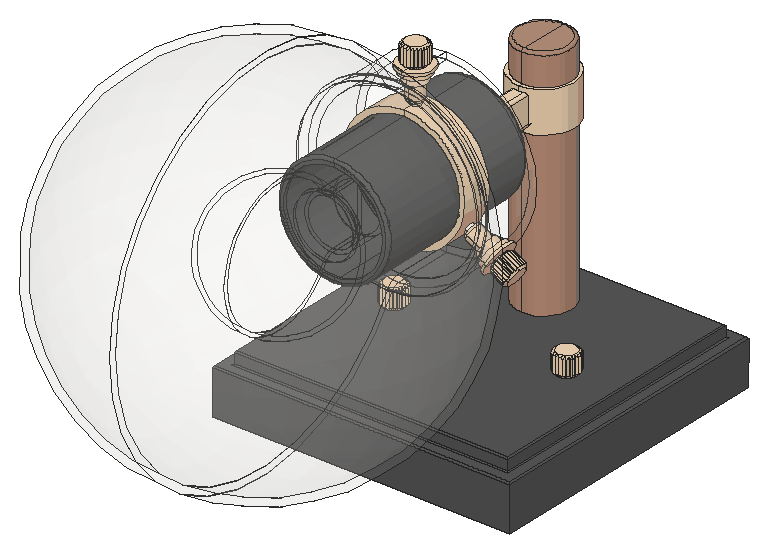
Revit family "Light_Fixture-Wall_Sconce-KOHLER-Holt-K-38412_1", category Lighting Fixtures, host Face, Revit 2021 (continued)
Definition of nested family "K-38412"
  Lines and regions (in)
    symbolic lines, detail levels medium+fine
      curve 702: spline (0, 0.02449, 0.96642) -> (0, 0.02239, 0.96406) -> (0, 0.02028, 0.96172) -> (0, 0.01816, 0.95938) -> (0, 0.01603, 0.95707) -> (0, 0.0139, 0.95476) -> (0, 0.01176, 0.95247) -> (0, 0.00961, 0.9502) -> (0, 0.00745, 0.94793) -> (0, 0.00529, 0.94569) -> (0, 0.00312, 0.94345) -> (0, 0.00095, 0.94123) -> (0, -0.00124, 0.93902)
      curve 703: spline (0, -0.00124, 0.93902) -> (0, -0.00342, 0.94123) -> (0, -0.0056, 0.94345) -> (0, -0.00777, 0.94569) -> (0, -0.00993, 0.94793) -> (0, -0.01208, 0.9502) -> (0, -0.01423, 0.95247) -> (0, -0.01637, 0.95476) -> (0, -0.01851, 0.95707) -> (0, -0.02063, 0.95938) -> (0, -0.02275, 0.96172) -> (0, -0.02486, 0.96406) -> (0, -0.02696, 0.96642)
      curve 704: spline (0, -0.02696, 0.96642) -> (0, -0.02848, 0.96401) -> (0, -0.03, 0.96162) -> (0, -0.03152, 0.95924) -> (0, -0.03305, 0.95688) -> (0, -0.03459, 0.95453) -> (0, -0.03613, 0.9522) -> (0, -0.03767, 0.94988) -> (0, -0.03922, 0.94757) -> (0, -0.04078, 0.94528) -> (0, -0.04234, 0.943) -> (0, -0.04391, 0.94074) -> (0, -0.04548, 0.93849)
      curve 705: spline (0, -0.07713, 0.96648) -> (0, -0.0745, 0.96407) -> (0, -0.07186, 0.96168) -> (0, -0.06921, 0.9593) -> (0, -0.06655, 0.95694) -> (0, -0.06389, 0.95459) -> (0, -0.06121, 0.95226) -> (0, -0.05852, 0.94994) -> (0, -0.05582, 0.94763) -> (0, -0.05312, 0.94534) -> (0, -0.0504, 0.94306) -> (0, -0.04768, 0.9408) -> (0, -0.04495, 0.93855)
      curve 706: spline (0, -0.07713, 0.966) -> (0, -0.0779, 0.96363) -> (0, -0.07868, 0.96128) -> (0, -0.07945, 0.95894) -> (0, -0.08023, 0.95662) -> (0, -0.08101, 0.95431) -> (0, -0.0818, 0.95201) -> (0, -0.08258, 0.94973) -> (0, -0.08337, 0.94746) -> (0, -0.08416, 0.9452) -> (0, -0.08496, 0.94296) -> (0, -0.08576, 0.94073) -> (0, -0.08656, 0.93851)
      curve 707: spline (0, -0.08656, 0.93851) -> (0, -0.08963, 0.94078) -> (0, -0.09269, 0.94306) -> (0, -0.09574, 0.94536) -> (0, -0.09878, 0.94767) -> (0, -0.10181, 0.95) -> (0, -0.10483, 0.95234) -> (0, -0.10784, 0.9547) -> (0, -0.11084, 0.95707) -> (0, -0.11383, 0.95945) -> (0, -0.11681, 0.96185) -> (0, -0.11978, 0.96427) -> (0, -0.12273, 0.9667)
      curve 708: arc (0, -0.12273, 0.93896) -> (0, -0.14131, 0.95256) -> (0, -0.15951, 0.96666) r 0.84187
      curve 709: spline (0, -0.14997, 0.93887) -> (0, -0.15078, 0.94111) -> (0, -0.15159, 0.94336) -> (0, -0.15239, 0.94563) -> (0, -0.15319, 0.94791) -> (0, -0.15399, 0.9502) -> (0, -0.15479, 0.95251) -> (0, -0.15558, 0.95483) -> (0, -0.15637, 0.95717) -> (0, -0.15716, 0.95952) -> (0, -0.15795, 0.96189) -> (0, -0.15873, 0.96426) -> (0, -0.15951, 0.96666)
      curve 710: spline (0, -0.14997, 0.93887) -> (0, -0.15303, 0.94113) -> (0, -0.15607, 0.9434) -> (0, -0.1591, 0.94569) -> (0, -0.16213, 0.948) -> (0, -0.16514, 0.95031) -> (0, -0.16815, 0.95265) -> (0, -0.17114, 0.95499) -> (0, -0.17412, 0.95735) -> (0, -0.1771, 0.95973) -> (0, -0.18006, 0.96212) -> (0, -0.18301, 0.96452) -> (0, -0.18595, 0.96694)
      curve 711: spline (0, -0.18595, 0.96694) -> (0, -0.1844, 0.96452) -> (0, -0.18285, 0.96212) -> (0, -0.18129, 0.95973) -> (0, -0.17973, 0.95736) -> (0, -0.17816, 0.95499) -> (0, -0.17659, 0.95265) -> (0, -0.17501, 0.95031) -> (0, -0.17342, 0.94799) -> (0, -0.17183, 0.94568) -> (0, -0.17024, 0.94338) -> (0, -0.16864, 0.9411) -> (0, -0.16704, 0.93883)
      curve 712: spline (0, -0.16704, 0.93883) -> (0, -0.16969, 0.941) -> (0, -0.17233, 0.94318) -> (0, -0.17497, 0.94538) -> (0, -0.17759, 0.94759) -> (0, -0.18021, 0.94982) -> (0, -0.18282, 0.95206) -> (0, -0.18541, 0.95432) -> (0, -0.188, 0.95659) -> (0, -0.19058, 0.95887) -> (0, -0.19315, 0.96117) -> (0, -0.19571, 0.96349) -> (0, -0.19827, 0.96581)
      curve 713: line (0, -2.1752, 0.90089) -> (0, 2.1752, 0.90089)
      curve 714: line (0, 2.1752, 0.74803) -> (0, -2.1752, 0.74803)
      curve 715: line (0, 2.19951, 0.72835) -> (0, -2.19951, 0.72835)
      curve 716: line (0, 2.37205, 0.70404) -> (0, -2.37205, 0.70404)
      curve 717: spline (0, -1.45513, 2.9299) -> (0, -1.4498, 2.96493) -> (0, -1.43419, 2.99757) -> (0, -1.40935, 3.0256) -> (0, -1.37699, 3.04711) -> (0, -1.3393, 3.06063) -> (0, -1.29885, 3.06524) -> (0, -1.2584, 3.06063) -> (0, -1.22071, 3.04711) -> (0, -1.18835, 3.0256) -> (0, -1.16351, 2.99757) -> (0, -1.1479, 2.96493) -> (0, -1.14257, 2.9299)
      curve 718: spline (0, -1.14257, 2.9299) -> (0, -1.1479, 2.89487) -> (0, -1.16351, 2.86223) -> (0, -1.18835, 2.8342) -> (0, -1.22071, 2.81269) -> (0, -1.2584, 2.79917) -> (0, -1.29885, 2.79456) -> (0, -1.3393, 2.79917) -> (0, -1.37699, 2.81269) -> (0, -1.40935, 2.8342) -> (0, -1.43419, 2.86223) -> (0, -1.4498, 2.89487) -> (0, -1.45513, 2.9299)
      curve 719: line (0, -1.1781, 3.04226) -> (0, -1.1781, 3.20225)
      curve 720: line (0, -1.21354, 3.06666) -> (0, -1.21354, 3.20781)
      curve 721: line (0, -1.22301, 3.11112) -> (0, -1.22301, 3.22461)
      curve 722: line (0, -1.25514, 3.08112) -> (0, -1.25514, 3.22248)
      curve 723: line (0, -1.2734, 3.23607) -> (0, -1.2734, 3.1223)
      curve 724: spline (0, -1.2734, 3.1223) -> (0, -1.27548, 3.11934) -> (0, -1.27757, 3.11637) -> (0, -1.27966, 3.1134) -> (0, -1.28177, 3.11043) -> (0, -1.28388, 3.10747) -> (0, -1.286, 3.1045) -> (0, -1.28812, 3.10154) -> (0, -1.29025, 3.09857) -> (0, -1.29239, 3.09561) -> (0, -1.29454, 3.09264) -> (0, -1.29669, 3.08968) -> (0, -1.29885, 3.08672)
      curve 725: spline (0, -1.2734, 3.1223) -> (0, -1.27191, 3.11888) -> (0, -1.27041, 3.11545) -> (0, -1.2689, 3.11202) -> (0, -1.2674, 3.10859) -> (0, -1.26588, 3.10516) -> (0, -1.26436, 3.10173) -> (0, -1.26284, 3.09829) -> (0, -1.26131, 3.09486) -> (0, -1.25977, 3.09143) -> (0, -1.25823, 3.08799) -> (0, -1.25669, 3.08455) -> (0, -1.25514, 3.08112)
      curve 726: spline (0, -1.25514, 3.08112) -> (0, -1.25241, 3.0836) -> (0, -1.24969, 3.08609) -> (0, -1.24698, 3.08858) -> (0, -1.24428, 3.09108) -> (0, -1.24159, 3.09357) -> (0, -1.23891, 3.09607) -> (0, -1.23623, 3.09858) -> (0, -1.23357, 3.10108) -> (0, -1.23092, 3.10359) -> (0, -1.22827, 3.10609) -> (0, -1.22564, 3.10861) -> (0, -1.22301, 3.11112)
      curve 727: spline (0, -1.21354, 3.06666) -> (0, -1.21434, 3.07038) -> (0, -1.21514, 3.07409) -> (0, -1.21594, 3.0778) -> (0, -1.21674, 3.08151) -> (0, -1.21753, 3.08522) -> (0, -1.21832, 3.08892) -> (0, -1.21911, 3.09263) -> (0, -1.2199, 3.09633) -> (0, -1.22068, 3.10003) -> (0, -1.22146, 3.10373) -> (0, -1.22224, 3.10743) -> (0, -1.22301, 3.11112)
      curve 728: spline (0, -1.1781, 3.08867) -> (0, -1.18099, 3.08681) -> (0, -1.1839, 3.08495) -> (0, -1.18682, 3.0831) -> (0, -1.18975, 3.08126) -> (0, -1.19268, 3.07942) -> (0, -1.19563, 3.07758) -> (0, -1.19859, 3.07575) -> (0, -1.20156, 3.07392) -> (0, -1.20454, 3.0721) -> (0, -1.20753, 3.07028) -> (0, -1.21053, 3.06847) -> (0, -1.21354, 3.06666)
      curve 729: spline (0, -1.14121, 3.05614) -> (0, -1.14422, 3.05495) -> (0, -1.14725, 3.05376) -> (0, -1.15029, 3.05258) -> (0, -1.15333, 3.05141) -> (0, -1.15639, 3.05024) -> (0, -1.15946, 3.04908) -> (0, -1.16254, 3.04792) -> (0, -1.16563, 3.04678) -> (0, -1.16873, 3.04564) -> (0, -1.17184, 3.04451) -> (0, -1.17496, 3.04338) -> (0, -1.1781, 3.04226)
      curve 730: spline (0, -1.14121, 3.05614) -> (0, -1.14198, 3.05245) -> (0, -1.14276, 3.04874) -> (0, -1.14355, 3.04504) -> (0, -1.14433, 3.04133) -> (0, -1.14512, 3.03762) -> (0, -1.14591, 3.03391) -> (0, -1.1467, 3.0302) -> (0, -1.1475, 3.02649) -> (0, -1.14829, 3.02277) -> (0, -1.14909, 3.01906) -> (0, -1.1499, 3.01534) -> (0, -1.1507, 3.01162)
      curve 731: spline (0, -1.11512, 3.01723) -> (0, -1.11803, 3.01671) -> (0, -1.12095, 3.0162) -> (0, -1.12388, 3.0157) -> (0, -1.12682, 3.01521) -> (0, -1.12977, 3.01473) -> (0, -1.13273, 3.01425) -> (0, -1.1357, 3.01379) -> (0, -1.13868, 3.01334) -> (0, -1.14167, 3.01289) -> (0, -1.14467, 3.01246) -> (0, -1.14768, 3.01203) -> (0, -1.1507, 3.01162)
      curve 732: spline (0, -1.10105, 2.97405) -> (0, -1.10369, 2.97416) -> (0, -1.10634, 2.97428) -> (0, -1.10899, 2.97441) -> (0, -1.11166, 2.97456) -> (0, -1.11434, 2.97472) -> (0, -1.11703, 2.97489) -> (0, -1.11972, 2.97507) -> (0, -1.12243, 2.97526) -> (0, -1.12514, 2.97547) -> (0, -1.12787, 2.97568) -> (0, -1.1306, 2.97591) -> (0, -1.13334, 2.97615)
      curve 733: spline (0, -1.13334, 2.97615) -> (0, -1.1318, 2.97958) -> (0, -1.13026, 2.98301) -> (0, -1.12872, 2.98643) -> (0, -1.12719, 2.98986) -> (0, -1.12566, 2.99328) -> (0, -1.12414, 2.99671) -> (0, -1.12262, 3.00013) -> (0, -1.12111, 3.00355) -> (0, -1.11961, 3.00697) -> (0, -1.11811, 3.01039) -> (0, -1.11661, 3.01381) -> (0, -1.11512, 3.01723)
      curve 734: line (0, -1.11512, 3.01723) -> (0, -1.11512, 3.13117)
      curve 735: line (0, -1.10105, 2.97405) -> (0, -1.10105, 3.08739)
      curve 736: spline (0, -1.11512, 3.10075) -> (0, -1.11394, 3.09964) -> (0, -1.11276, 3.09853) -> (0, -1.11158, 3.09741) -> (0, -1.1104, 3.0963) -> (0, -1.10923, 3.09519) -> (0, -1.10805, 3.09408) -> (0, -1.10688, 3.09296) -> (0, -1.10571, 3.09185) -> (0, -1.10454, 3.09074) -> (0, -1.10337, 3.08962) -> (0, -1.10221, 3.08851) -> (0, -1.10105, 3.08739)
      curve 737: spline (0, -1.14121, 3.14754) -> (0, -1.139, 3.14619) -> (0, -1.1368, 3.14484) -> (0, -1.13461, 3.14348) -> (0, -1.13242, 3.14212) -> (0, -1.13024, 3.14076) -> (0, -1.12806, 3.1394) -> (0, -1.12589, 3.13803) -> (0, -1.12373, 3.13667) -> (0, -1.12157, 3.1353) -> (0, -1.11941, 3.13392) -> (0, -1.11727, 3.13255) -> (0, -1.11512, 3.13117)
      curve 738: spline (0, -1.1781, 3.18403) -> (0, -1.17496, 3.18291) -> (0, -1.17184, 3.18179) -> (0, -1.16873, 3.18066) -> (0, -1.16563, 3.17952) -> (0, -1.16254, 3.17837) -> (0, -1.15946, 3.17722) -> (0, -1.15639, 3.17606) -> (0, -1.15333, 3.17489) -> (0, -1.15029, 3.17371) -> (0, -1.14725, 3.17253) -> (0, -1.14422, 3.17134) -> (0, -1.14121, 3.17015)
      curve 739: spline (0, -1.21354, 3.20781) -> (0, -1.21053, 3.2074) -> (0, -1.20753, 3.20698) -> (0, -1.20454, 3.20655) -> (0, -1.20156, 3.20611) -> (0, -1.19859, 3.20566) -> (0, -1.19563, 3.2052) -> (0, -1.19268, 3.20473) -> (0, -1.18975, 3.20425) -> (0, -1.18682, 3.20377) -> (0, -1.1839, 3.20327) -> (0, -1.18099, 3.20277) -> (0, -1.1781, 3.20225)
      curve 740: spline (0, -1.22301, 3.22461) -> (0, -1.22224, 3.22329) -> (0, -1.22146, 3.22196) -> (0, -1.22068, 3.22062) -> (0, -1.2199, 3.21925) -> (0, -1.21911, 3.21788) -> (0, -1.21832, 3.21649) -> (0, -1.21753, 3.21508) -> (0, -1.21674, 3.21366) -> (0, -1.21594, 3.21222) -> (0, -1.21514, 3.21076) -> (0, -1.21434, 3.20929) -> (0, -1.21354, 3.20781)
      curve 741: spline (0, -1.25514, 3.22248) -> (0, -1.25241, 3.22272) -> (0, -1.24969, 3.22295) -> (0, -1.24698, 3.22317) -> (0, -1.24428, 3.22338) -> (0, -1.24159, 3.22357) -> (0, -1.23891, 3.22375) -> (0, -1.23623, 3.22393) -> (0, -1.23357, 3.22409) -> (0, -1.23092, 3.22423) -> (0, -1.22827, 3.22437) -> (0, -1.22564, 3.22449) -> (0, -1.22301, 3.22461)
      curve 742: spline (0, -1.2734, 3.23607) -> (0, -1.27191, 3.23502) -> (0, -1.27041, 3.23395) -> (0, -1.2689, 3.23287) -> (0, -1.2674, 3.23177) -> (0, -1.26588, 3.23066) -> (0, -1.26436, 3.22954) -> (0, -1.26284, 3.2284) -> (0, -1.26131, 3.22724) -> (0, -1.25977, 3.22607) -> (0, -1.25823, 3.22489) -> (0, -1.25669, 3.22369) -> (0, -1.25514, 3.22248)
      curve 743: spline (0, -1.29885, 3.22757) -> (0, -1.29669, 3.22835) -> (0, -1.29454, 3.22911) -> (0, -1.29239, 3.22987) -> (0, -1.29025, 3.23061) -> (0, -1.28812, 3.23134) -> (0, -1.286, 3.23205) -> (0, -1.28388, 3.23275) -> (0, -1.28177, 3.23344) -> (0, -1.27966, 3.23412) -> (0, -1.27757, 3.23478) -> (0, -1.27548, 3.23543) -> (0, -1.2734, 3.23607)
      curve 744: spline (0, -1.3243, 3.23607) -> (0, -1.32222, 3.23543) -> (0, -1.32013, 3.23478) -> (0, -1.31804, 3.23412) -> (0, -1.31593, 3.23344) -> (0, -1.31382, 3.23275) -> (0, -1.3117, 3.23205) -> (0, -1.30958, 3.23134) -> (0, -1.30745, 3.23061) -> (0, -1.30531, 3.22987) -> (0, -1.30316, 3.22911) -> (0, -1.30101, 3.22835) -> (0, -1.29885, 3.22757)
      curve 745: spline (0, -1.34256, 3.22248) -> (0, -1.34101, 3.22369) -> (0, -1.33947, 3.22489) -> (0, -1.33793, 3.22607) -> (0, -1.33639, 3.22724) -> (0, -1.33486, 3.2284) -> (0, -1.33334, 3.22954) -> (0, -1.33182, 3.23066) -> (0, -1.3303, 3.23177) -> (0, -1.3288, 3.23287) -> (0, -1.32729, 3.23395) -> (0, -1.32579, 3.23502) -> (0, -1.3243, 3.23607)
      curve 746: spline (0, -1.37469, 3.22461) -> (0, -1.37206, 3.22449) -> (0, -1.36943, 3.22437) -> (0, -1.36678, 3.22423) -> (0, -1.36413, 3.22409) -> (0, -1.36147, 3.22393) -> (0, -1.35879, 3.22375) -> (0, -1.35611, 3.22357) -> (0, -1.35342, 3.22338) -> (0, -1.35072, 3.22317) -> (0, -1.34801, 3.22295) -> (0, -1.34529, 3.22272) -> (0, -1.34256, 3.22248)
      curve 747: spline (0, -1.38416, 3.20781) -> (0, -1.38336, 3.20929) -> (0, -1.38256, 3.21076) -> (0, -1.38176, 3.21222) -> (0, -1.38096, 3.21366) -> (0, -1.38017, 3.21508) -> (0, -1.37938, 3.21649) -> (0, -1.37859, 3.21788) -> (0, -1.3778, 3.21925) -> (0, -1.37702, 3.22062) -> (0, -1.37624, 3.22196) -> (0, -1.37546, 3.22329) -> (0, -1.37469, 3.22461)
      curve 748: spline (0, -1.4196, 3.20225) -> (0, -1.41671, 3.20277) -> (0, -1.4138, 3.20327) -> (0, -1.41088, 3.20377) -> (0, -1.40795, 3.20425) -> (0, -1.40502, 3.20473) -> (0, -1.40207, 3.2052) -> (0, -1.39911, 3.20566) -> (0, -1.39614, 3.20611) -> (0, -1.39316, 3.20655) -> (0, -1.39017, 3.20698) -> (0, -1.38717, 3.2074) -> (0, -1.38416, 3.20781)
      curve 749: spline (0, -1.45722, 3.16986) -> (0, -1.45414, 3.17108) -> (0, -1.45106, 3.1723) -> (0, -1.44796, 3.1735) -> (0, -1.44486, 3.1747) -> (0, -1.44174, 3.17589) -> (0, -1.43861, 3.17708) -> (0, -1.43547, 3.17825) -> (0, -1.43232, 3.17942) -> (0, -1.42916, 3.18059) -> (0, -1.42598, 3.18174) -> (0, -1.4228, 3.18289) -> (0, -1.4196, 3.18403)
      curve 750: line (0, -1.4196, 3.20225) -> (0, -1.4196, 3.04226)
      curve 751: line (0, -1.38416, 3.06666) -> (0, -1.38416, 3.20781)
      curve 752: line (0, -1.37469, 3.11112) -> (0, -1.37469, 3.22461)
      curve 753: spline (0, -1.34256, 3.08112) -> (0, -1.34529, 3.0836) -> (0, -1.34801, 3.08609) -> (0, -1.35072, 3.08858) -> (0, -1.35342, 3.09108) -> (0, -1.35611, 3.09357) -> (0, -1.35879, 3.09607) -> (0, -1.36147, 3.09858) -> (0, -1.36413, 3.10108) -> (0, -1.36678, 3.10359) -> (0, -1.36943, 3.10609) -> (0, -1.37206, 3.10861) -> (0, -1.37469, 3.11112)
      curve 754: spline (0, -1.37469, 3.11112) -> (0, -1.37546, 3.10743) -> (0, -1.37624, 3.10373) -> (0, -1.37702, 3.10003) -> (0, -1.3778, 3.09633) -> (0, -1.37859, 3.09263) -> (0, -1.37938, 3.08892) -> (0, -1.38017, 3.08522) -> (0, -1.38096, 3.08151) -> (0, -1.38176, 3.0778) -> (0, -1.38256, 3.07409) -> (0, -1.38336, 3.07038) -> (0, -1.38416, 3.06666)
      curve 755: spline (0, -1.38416, 3.06666) -> (0, -1.38717, 3.06847) -> (0, -1.39017, 3.07028) -> (0, -1.39316, 3.0721) -> (0, -1.39614, 3.07392) -> (0, -1.39911, 3.07575) -> (0, -1.40207, 3.07758) -> (0, -1.40502, 3.07942) -> (0, -1.40795, 3.08126) -> (0, -1.41088, 3.0831) -> (0, -1.4138, 3.08495) -> (0, -1.41671, 3.08681) -> (0, -1.4196, 3.08867)
      curve 756: spline (0, -1.29885, 3.08672) -> (0, -1.30101, 3.08968) -> (0, -1.30316, 3.09264) -> (0, -1.30531, 3.09561) -> (0, -1.30745, 3.09857) -> (0, -1.30958, 3.10154) -> (0, -1.3117, 3.1045) -> (0, -1.31382, 3.10747) -> (0, -1.31593, 3.11043) -> (0, -1.31804, 3.1134) -> (0, -1.32013, 3.11637) -> (0, -1.32222, 3.11934) -> (0, -1.3243, 3.1223)
      curve 757: spline (0, -1.3243, 3.1223) -> (0, -1.32579, 3.11888) -> (0, -1.32729, 3.11545) -> (0, -1.3288, 3.11202) -> (0, -1.3303, 3.10859) -> (0, -1.33182, 3.10516) -> (0, -1.33334, 3.10173) -> (0, -1.33486, 3.09829) -> (0, -1.33639, 3.09486) -> (0, -1.33793, 3.09143) -> (0, -1.33947, 3.08799) -> (0, -1.34101, 3.08455) -> (0, -1.34256, 3.08112)
      curve 758: line (0, -1.3243, 3.1223) -> (0, -1.3243, 3.23607)
      curve 759: line (0, -1.34256, 3.08112) -> (0, -1.34256, 3.22248)
      curve 760: line (0, -1.29885, 3.08672) -> (0, -1.29885, 3.22757)
      curve 761: spline (0, -1.4196, 3.04226) -> (0, -1.42274, 3.04338) -> (0, -1.42586, 3.04451) -> (0, -1.42897, 3.04564) -> (0, -1.43207, 3.04678) -> (0, -1.43516, 3.04792) -> (0, -1.43824, 3.04908) -> (0, -1.44131, 3.05024) -> (0, -1.44437, 3.05141) -> (0, -1.44741, 3.05258) -> (0, -1.45045, 3.05376) -> (0, -1.45348, 3.05495) -> (0, -1.45649, 3.05614)
      curve 762: spline (0, -1.447, 3.01162) -> (0, -1.4478, 3.01534) -> (0, -1.44861, 3.01906) -> (0, -1.44941, 3.02277) -> (0, -1.4502, 3.02649) -> (0, -1.451, 3.0302) -> (0, -1.45179, 3.03391) -> (0, -1.45258, 3.03762) -> (0, -1.45337, 3.04133) -> (0, -1.45415, 3.04504) -> (0, -1.45494, 3.04874) -> (0, -1.45572, 3.05245) -> (0, -1.45649, 3.05614)
      curve 763: spline (0, -1.447, 3.01162) -> (0, -1.45002, 3.01203) -> (0, -1.45303, 3.01246) -> (0, -1.45603, 3.01289) -> (0, -1.45902, 3.01334) -> (0, -1.462, 3.01379) -> (0, -1.46497, 3.01425) -> (0, -1.46793, 3.01473) -> (0, -1.47088, 3.01521) -> (0, -1.47382, 3.0157) -> (0, -1.47675, 3.0162) -> (0, -1.47967, 3.01671) -> (0, -1.48258, 3.01723)
      curve 764: spline (0, -1.48258, 3.01723) -> (0, -1.48109, 3.01381) -> (0, -1.47959, 3.01039) -> (0, -1.47809, 3.00697) -> (0, -1.47659, 3.00355) -> (0, -1.47507, 3.00013) -> (0, -1.47356, 2.99671) -> (0, -1.47204, 2.99328) -> (0, -1.47051, 2.98986) -> (0, -1.46898, 2.98643) -> (0, -1.46744, 2.98301) -> (0, -1.4659, 2.97958) -> (0, -1.46436, 2.97615)
      curve 765: spline (0, -1.46436, 2.97615) -> (0, -1.4671, 2.97591) -> (0, -1.46983, 2.97568) -> (0, -1.47256, 2.97547) -> (0, -1.47527, 2.97526) -> (0, -1.47798, 2.97507) -> (0, -1.48067, 2.97489) -> (0, -1.48336, 2.97472) -> (0, -1.48604, 2.97456) -> (0, -1.48871, 2.97441) -> (0, -1.49136, 2.97428) -> (0, -1.49401, 2.97416) -> (0, -1.49665, 2.97405)
      curve 766: line (0, -1.48258, 3.01723) -> (0, -1.48258, 3.13117)
      curve 767: line (0, -1.49665, 2.97405) -> (0, -1.49665, 3.08739)
      curve 768: spline (0, -1.49665, 3.08739) -> (0, -1.49549, 3.08851) -> (0, -1.49433, 3.08962) -> (0, -1.49316, 3.09074) -> (0, -1.49199, 3.09185) -> (0, -1.49082, 3.09296) -> (0, -1.48965, 3.09408) -> (0, -1.48847, 3.09519) -> (0, -1.4873, 3.0963) -> (0, -1.48612, 3.09741) -> (0, -1.48494, 3.09853) -> (0, -1.48376, 3.09964) -> (0, -1.48258, 3.10075)
      curve 769: spline (0, -1.48258, 3.13117) -> (0, -1.48049, 3.13251) -> (0, -1.4784, 3.13385) -> (0, -1.47631, 3.13518) -> (0, -1.47421, 3.13652) -> (0, -1.4721, 3.13785) -> (0, -1.46999, 3.13918) -> (0, -1.46788, 3.1405) -> (0, -1.46576, 3.14183) -> (0, -1.46363, 3.14315) -> (0, -1.4615, 3.14447) -> (0, -1.45936, 3.14578) -> (0, -1.45722, 3.1471)
      curve 770: spline (0, -1.49665, 2.97405) -> (0, -1.49449, 2.97096) -> (0, -1.49232, 2.96788) -> (0, -1.49015, 2.96479) -> (0, -1.48796, 2.96171) -> (0, -1.48577, 2.95863) -> (0, -1.48357, 2.95554) -> (0, -1.48136, 2.95246) -> (0, -1.47914, 2.94938) -> (0, -1.47692, 2.9463) -> (0, -1.47469, 2.94322) -> (0, -1.47245, 2.94014) -> (0, -1.4702, 2.93706)
      curve 771: spline (0, -1.4702, 2.93706) -> (0, -1.47238, 2.93628) -> (0, -1.47455, 2.93551) -> (0, -1.47672, 2.93475) -> (0, -1.47888, 2.93401) -> (0, -1.48103, 2.93328) -> (0, -1.48317, 2.93256) -> (0, -1.48531, 2.93185) -> (0, -1.48744, 2.93116) -> (0, -1.48956, 2.93048) -> (0, -1.49167, 2.92982) -> (0, -1.49378, 2.92916) -> (0, -1.49588, 2.92853)
      curve 772: spline (0, -1.46465, 2.89878) -> (0, -1.4673, 2.90125) -> (0, -1.46994, 2.90371) -> (0, -1.47258, 2.90618) -> (0, -1.4752, 2.90866) -> (0, -1.47782, 2.91113) -> (0, -1.48043, 2.91361) -> (0, -1.48303, 2.91609) -> (0, -1.48562, 2.91857) -> (0, -1.4882, 2.92106) -> (0, -1.49077, 2.92354) -> (0, -1.49333, 2.92603) -> (0, -1.49588, 2.92853)
      curve 773: spline (0, -1.46465, 2.89878) -> (0, -1.46625, 2.8976) -> (0, -1.46785, 2.89644) -> (0, -1.46945, 2.89529) -> (0, -1.47104, 2.89415) -> (0, -1.47262, 2.89303) -> (0, -1.4742, 2.89192) -> (0, -1.47577, 2.89083) -> (0, -1.47734, 2.88975) -> (0, -1.47891, 2.88868) -> (0, -1.48046, 2.88763) -> (0, -1.48202, 2.8866) -> (0, -1.48356, 2.88557)
      curve 774: spline (0, -1.48356, 2.88557) -> (0, -1.48062, 2.88368) -> (0, -1.47767, 2.8818) -> (0, -1.47471, 2.87991) -> (0, -1.47174, 2.87804) -> (0, -1.46875, 2.87616) -> (0, -1.46576, 2.8743) -> (0, -1.46276, 2.87243) -> (0, -1.45974, 2.87057) -> (0, -1.45672, 2.86872) -> (0, -1.45368, 2.86687) -> (0, -1.45064, 2.86503) -> (0, -1.44758, 2.86319)
      curve 775: spline (0, -1.44758, 2.86319) -> (0, -1.44839, 2.86169) -> (0, -1.4492, 2.86021) -> (0, -1.45, 2.85874) -> (0, -1.45081, 2.85729) -> (0, -1.4516, 2.85585) -> (0, -1.4524, 2.85443) -> (0, -1.4532, 2.85303) -> (0, -1.45399, 2.85164) -> (0, -1.45477, 2.85027) -> (0, -1.45556, 2.84891) -> (0, -1.45634, 2.84757) -> (0, -1.45712, 2.84625)
      curve 776: line (0, -1.45712, 2.84625) -> (0, -1.45712, 2.86897)
      curve 777: spline (0, -1.45712, 2.84625) -> (0, -1.45412, 2.84506) -> (0, -1.4511, 2.84387) -> (0, -1.44807, 2.84269) -> (0, -1.44503, 2.84152) -> (0, -1.44198, 2.84036) -> (0, -1.43892, 2.8392) -> (0, -1.43585, 2.83805) -> (0, -1.43277, 2.8369) -> (0, -1.42968, 2.83577) -> (0, -1.42658, 2.83464) -> (0, -1.42347, 2.83352) -> (0, -1.42034, 2.8324)
      curve 778: line (0, -1.42034, 2.8324) -> (0, -1.42034, 2.8144)
      curve 779: spline (0, -1.42034, 2.8144) -> (0, -1.41739, 2.81387) -> (0, -1.41442, 2.81335) -> (0, -1.41144, 2.81284) -> (0, -1.40846, 2.81234) -> (0, -1.40546, 2.81185) -> (0, -1.40245, 2.81137) -> (0, -1.39943, 2.8109) -> (0, -1.3964, 2.81044) -> (0, -1.39335, 2.80999) -> (0, -1.3903, 2.80955) -> (0, -1.38724, 2.80912) -> (0, -1.38417, 2.8087)
      curve 780: spline (0, -1.38417, 2.8087) -> (0, -1.38337, 2.80722) -> (0, -1.38257, 2.80576) -> (0, -1.38178, 2.80431) -> (0, -1.38099, 2.80288) -> (0, -1.3802, 2.80146) -> (0, -1.37941, 2.80006) -> (0, -1.37862, 2.79867) -> (0, -1.37784, 2.7973) -> (0, -1.37706, 2.79595) -> (0, -1.37629, 2.79461) -> (0, -1.37551, 2.79329) -> (0, -1.37474, 2.79198)
      curve 781: spline (0, -1.37474, 2.79198) -> (0, -1.37216, 2.79209) -> (0, -1.36956, 2.79221) -> (0, -1.36695, 2.79234) -> (0, -1.36434, 2.79248) -> (0, -1.36171, 2.79264) -> (0, -1.35908, 2.79281) -> (0, -1.35644, 2.79298) -> (0, -1.35379, 2.79317) -> (0, -1.35113, 2.79338) -> (0, -1.34846, 2.79359) -> (0, -1.34578, 2.79381) -> (0, -1.34309, 2.79405)
      curve 782: spline (0, -1.34309, 2.79405) -> (0, -1.34152, 2.79281) -> (0, -1.33995, 2.7916) -> (0, -1.33839, 2.79039) -> (0, -1.33684, 2.7892) -> (0, -1.33528, 2.78803) -> (0, -1.33374, 2.78687) -> (0, -1.3322, 2.78573) -> (0, -1.33066, 2.7846) -> (0, -1.32913, 2.78349) -> (0, -1.32761, 2.78239) -> (0, -1.32609, 2.78131) -> (0, -1.32458, 2.78024)
      curve 783: spline (0, -1.32458, 2.78024) -> (0, -1.32247, 2.78088) -> (0, -1.32036, 2.78154) -> (0, -1.31824, 2.78221) -> (0, -1.31612, 2.78289) -> (0, -1.31399, 2.78359) -> (0, -1.31184, 2.78429) -> (0, -1.3097, 2.78502) -> (0, -1.30754, 2.78575) -> (0, -1.30538, 2.7865) -> (0, -1.30321, 2.78726) -> (0, -1.30103, 2.78803) -> (0, -1.29885, 2.78882)
      curve 784: spline (0, -1.13334, 2.97615) -> (0, -1.1306, 2.97591) -> (0, -1.12787, 2.97568) -> (0, -1.12514, 2.97547) -> (0, -1.12243, 2.97526) -> (0, -1.11972, 2.97507) -> (0, -1.11703, 2.97489) -> (0, -1.11434, 2.97472) -> (0, -1.11166, 2.97456) -> (0, -1.10899, 2.97441) -> (0, -1.10634, 2.97428) -> (0, -1.10369, 2.97416) -> (0, -1.10105, 2.97405)
      curve 785: spline (0, -1.10105, 2.97405) -> (0, -1.10321, 2.97096) -> (0, -1.10538, 2.96788) -> (0, -1.10755, 2.96479) -> (0, -1.10974, 2.96171) -> (0, -1.11193, 2.95863) -> (0, -1.11413, 2.95554) -> (0, -1.11634, 2.95246) -> (0, -1.11856, 2.94938) -> (0, -1.12078, 2.9463) -> (0, -1.12301, 2.94322) -> (0, -1.12525, 2.94014) -> (0, -1.1275, 2.93706)
      curve 786: spline (0, -1.1275, 2.93706) -> (0, -1.12532, 2.93628) -> (0, -1.12315, 2.93551) -> (0, -1.12098, 2.93475) -> (0, -1.11882, 2.93401) -> (0, -1.11667, 2.93328) -> (0, -1.11453, 2.93256) -> (0, -1.11239, 2.93185) -> (0, -1.11026, 2.93116) -> (0, -1.10814, 2.93048) -> (0, -1.10603, 2.92982) -> (0, -1.10392, 2.92916) -> (0, -1.10182, 2.92853)
      curve 787: spline (0, -1.13305, 2.89878) -> (0, -1.1304, 2.90125) -> (0, -1.12776, 2.90371) -> (0, -1.12512, 2.90618) -> (0, -1.1225, 2.90866) -> (0, -1.11988, 2.91113) -> (0, -1.11727, 2.91361) -> (0, -1.11467, 2.91609) -> (0, -1.11208, 2.91857) -> (0, -1.1095, 2.92106) -> (0, -1.10693, 2.92354) -> (0, -1.10437, 2.92603) -> (0, -1.10182, 2.92853)
      curve 788: spline (0, -1.13305, 2.89878) -> (0, -1.13145, 2.8976) -> (0, -1.12985, 2.89644) -> (0, -1.12825, 2.89529) -> (0, -1.12666, 2.89415) -> (0, -1.12508, 2.89303) -> (0, -1.1235, 2.89192) -> (0, -1.12193, 2.89083) -> (0, -1.12036, 2.88975) -> (0, -1.11879, 2.88868) -> (0, -1.11724, 2.88763) -> (0, -1.11568, 2.8866) -> (0, -1.11414, 2.88557)
      curve 789: spline (0, -1.11414, 2.88557) -> (0, -1.11708, 2.88368) -> (0, -1.12003, 2.8818) -> (0, -1.12299, 2.87991) -> (0, -1.12596, 2.87804) -> (0, -1.12895, 2.87616) -> (0, -1.13194, 2.8743) -> (0, -1.13494, 2.87243) -> (0, -1.13796, 2.87057) -> (0, -1.14098, 2.86872) -> (0, -1.14402, 2.86687) -> (0, -1.14706, 2.86503) -> (0, -1.15012, 2.86319)
      curve 790: spline (0, -1.15012, 2.86319) -> (0, -1.14931, 2.86169) -> (0, -1.1485, 2.86021) -> (0, -1.1477, 2.85874) -> (0, -1.14689, 2.85729) -> (0, -1.14609, 2.85585) -> (0, -1.1453, 2.85443) -> (0, -1.1445, 2.85303) -> (0, -1.14371, 2.85164) -> (0, -1.14293, 2.85027) -> (0, -1.14214, 2.84891) -> (0, -1.14136, 2.84757) -> (0, -1.14058, 2.84625)
      curve 791: spline (0, -1.14058, 2.84625) -> (0, -1.14364, 2.84503) -> (0, -1.14672, 2.84383) -> (0, -1.14981, 2.84263) -> (0, -1.1529, 2.84143) -> (0, -1.15601, 2.84024) -> (0, -1.15913, 2.83907) -> (0, -1.16226, 2.83789) -> (0, -1.16541, 2.83673) -> (0, -1.16856, 2.83557) -> (0, -1.17172, 2.83442) -> (0, -1.1749, 2.83328) -> (0, -1.17808, 2.83214)
      curve 792: spline (0, -1.17808, 2.81427) -> (0, -1.18098, 2.81375) -> (0, -1.18389, 2.81325) -> (0, -1.18681, 2.81275) -> (0, -1.18973, 2.81226) -> (0, -1.19267, 2.81178) -> (0, -1.19562, 2.81131) -> (0, -1.19858, 2.81086) -> (0, -1.20155, 2.81041) -> (0, -1.20453, 2.80997) -> (0, -1.20752, 2.80953) -> (0, -1.21052, 2.80911) -> (0, -1.21353, 2.8087)
      curve 793: spline (0, -1.21353, 2.8087) -> (0, -1.21433, 2.80722) -> (0, -1.21513, 2.80576) -> (0, -1.21592, 2.80431) -> (0, -1.21671, 2.80288) -> (0, -1.2175, 2.80146) -> (0, -1.21829, 2.80006) -> (0, -1.21908, 2.79867) -> (0, -1.21986, 2.7973) -> (0, -1.22064, 2.79595) -> (0, -1.22141, 2.79461) -> (0, -1.22219, 2.79329) -> (0, -1.22296, 2.79198)
      curve 794: spline (0, -1.22296, 2.79198) -> (0, -1.22554, 2.79209) -> (0, -1.22814, 2.79221) -> (0, -1.23075, 2.79234) -> (0, -1.23336, 2.79248) -> (0, -1.23599, 2.79264) -> (0, -1.23862, 2.79281) -> (0, -1.24126, 2.79298) -> (0, -1.24391, 2.79317) -> (0, -1.24657, 2.79338) -> (0, -1.24924, 2.79359) -> (0, -1.25192, 2.79381) -> (0, -1.25461, 2.79405)
      curve 795: spline (0, -1.25461, 2.79405) -> (0, -1.25618, 2.79281) -> (0, -1.25775, 2.7916) -> (0, -1.25931, 2.79039) -> (0, -1.26086, 2.7892) -> (0, -1.26242, 2.78803) -> (0, -1.26396, 2.78687) -> (0, -1.2655, 2.78573) -> (0, -1.26704, 2.7846) -> (0, -1.26857, 2.78349) -> (0, -1.27009, 2.78239) -> (0, -1.27161, 2.78131) -> (0, -1.27312, 2.78024)
      curve 796: spline (0, -1.27312, 2.78024) -> (0, -1.27523, 2.78088) -> (0, -1.27734, 2.78154) -> (0, -1.27946, 2.78221) -> (0, -1.28158, 2.78289) -> (0, -1.28371, 2.78359) -> (0, -1.28586, 2.78429) -> (0, -1.288, 2.78502) -> (0, -1.29016, 2.78575) -> (0, -1.29232, 2.7865) -> (0, -1.29449, 2.78726) -> (0, -1.29667, 2.78803) -> (0, -1.29885, 2.78882)
      curve 797: line (0, -1.14121, 3.17015) -> (0, -1.14121, 3.05614)
      curve 798: line (0, -1.45722, 3.16986) -> (0, -1.45722, 3.05614)
      curve 799: line (0, -1.11414, 2.88557) -> (0, -1.11414, 2.9166)
      curve 800: line (0, -1.17808, 2.83214) -> (0, -1.17808, 2.81427)
      curve 801: spline (0, -1.11414, 2.91054) -> (0, -1.04833, 2.98862) -> (0, -1.02367, 3.08289) -> (0, -1.04422, 3.17791) -> (0, -1.10659, 3.25807) -> (0, -1.20056, 3.31024) -> (0, -1.31072, 3.32584) -> (0, -1.41898, 3.30233) -> (0, -1.5076, 3.24356) -> (0, -1.56204, 3.15917) -> (0, -1.57336, 3.06301) -> (0, -1.53971, 2.97084) -> (0, -1.46661, 2.89779)
      curve 802: spline (0, -1.02456, 3.08738) -> (0, -1.02874, 3.15284) -> (0, -1.05332, 3.21485) -> (0, -1.09646, 3.26872) -> (0, -1.1549, 3.3104) -> (0, -1.22423, 3.33673) -> (0, -1.29921, 3.34574) -> (0, -1.3742, 3.33673) -> (0, -1.44352, 3.3104) -> (0, -1.50196, 3.26872) -> (0, -1.5451, 3.21485) -> (0, -1.56969, 3.15284) -> (0, -1.57386, 3.08738)
      curve 803: spline (0, -1.16398, 3.31417) -> (0, -1.18436, 3.3252) -> (0, -1.20593, 3.33439) -> (0, -1.22848, 3.34162) -> (0, -1.25175, 3.34684) -> (0, -1.27551, 3.34998) -> (0, -1.29952, 3.35101) -> (0, -1.32353, 3.34992) -> (0, -1.34729, 3.34673) -> (0, -1.37054, 3.34146) -> (0, -1.39306, 3.33417) -> (0, -1.41461, 3.32494) -> (0, -1.43496, 3.31386)
      curve 804: line (0, 0.78275, 3.66675) -> (0, 0.78275, 4.08037)
      curve 805: arc (0, 0.78275, 4.08037) -> (0, 0.77844, 4.10084) -> (0, 0.76626, 4.11785) r 0.05085
      curve 806: arc (0, 0.76626, 3.61851) -> (0, 0.77851, 3.64126) -> (0, 0.78275, 3.66675) r 0.07884
      curve 807: line (0, -0.17744, 3.61851) -> (0, -0.17744, 4.11785)
      curve 808: line (0, -0.66929, 2.98228) -> (0, -0.66929, 4.75394)
      curve 809: line (0, 1.69291, 4.19312) -> (0, 0.82677, 4.19312)
      curve 810: line (0, 1.69291, 3.54291) -> (0, 0.82677, 3.54291)
      curve 811: line (0, 1.69291, 4.6448) -> (0, 0.8268, 4.6448)
      curve 812: line (0, -0.22356, 4.75394) -> (0, -0.22356, 2.98228)
      curve 813: line (0, 1.69291, 0.9252) -> (0, 0.82677, 0.9252)
      curve 814: line (0, -1.63354, 5.30512) -> (0, -1.63354, 2.43091)
      curve 815: line (0, -1.74124, 5.36761) -> (0, -1.74124, 2.36911)
      curve 816: line (0, -1.06299, 5.37795) -> (0, -1.53543, 5.37795)
      curve 817: line (0, -1.06299, 5.30512) -> (0, -1.53543, 5.30512)
      curve 818: line (0, -1.14439, 5.41732) -> (0, -1.45331, 5.41732)
      curve 819: line (0, -1.11414, 5.68868) -> (0, -1.11414, 5.46274)
      curve 820: line (0, -1.14058, 5.68897) -> (0, -1.14058, 5.46245)
      curve 821: line (0, -1.17736, 5.43476) -> (0, -1.17736, 5.71666)
      curve 822: line (0, -1.21353, 5.71711) -> (0, -1.21353, 5.43431)
      curve 823: line (0, -1.22296, 5.68962) -> (0, -1.22296, 5.4618)
      curve 824: line (0, -1.25461, 5.71713) -> (0, -1.25461, 5.43479)
      curve 825: line (0, -1.27312, 5.68921) -> (0, -1.27312, 5.46221)
      curve 826: line (0, -1.29885, 5.7166) -> (0, -1.29885, 5.43482)
      curve 827: line (0, -1.32458, 5.68921) -> (0, -1.32458, 5.46221)
      curve 828: line (0, -1.34309, 5.71713) -> (0, -1.34309, 5.43429)
      curve 829: line (0, -1.37474, 5.68915) -> (0, -1.37474, 5.4618)
      curve 830: line (0, -1.38417, 5.71711) -> (0, -1.38417, 5.43455)
      curve 831: line (0, -1.42034, 5.71666) -> (0, -1.42034, 5.43476)
      curve 832: line (0, -1.45712, 5.68897) -> (0, -1.45712, 5.46245)
      curve 833: line (0, -1.48356, 5.68868) -> (0, -1.48356, 5.46274)
      curve 834: line (0, -1.49588, 5.68981) -> (0, -1.49588, 5.46161)
      curve 835: spline (0, -1.13305, 5.7168) -> (0, -1.1304, 5.71463) -> (0, -1.12776, 5.71244) -> (0, -1.12512, 5.71025) -> (0, -1.1225, 5.70803) -> (0, -1.11988, 5.70581) -> (0, -1.11727, 5.70356) -> (0, -1.11467, 5.70131) -> (0, -1.11208, 5.69904) -> (0, -1.1095, 5.69675) -> (0, -1.10693, 5.69445) -> (0, -1.10437, 5.69214) -> (0, -1.10182, 5.68981)
      curve 836: spline (0, -1.11414, 5.68868) -> (0, -1.11568, 5.6911) -> (0, -1.11724, 5.6935) -> (0, -1.11879, 5.69589) -> (0, -1.12036, 5.69827) -> (0, -1.12193, 5.70063) -> (0, -1.1235, 5.70298) -> (0, -1.12508, 5.70531) -> (0, -1.12666, 5.70764) -> (0, -1.12825, 5.70995) -> (0, -1.12985, 5.71224) -> (0, -1.13145, 5.71453) -> (0, -1.13305, 5.7168)
      curve 837: spline (0, -1.15012, 5.71675) -> (0, -1.14706, 5.71449) -> (0, -1.14402, 5.71222) -> (0, -1.14098, 5.70993) -> (0, -1.13796, 5.70763) -> (0, -1.13494, 5.70531) -> (0, -1.13194, 5.70298) -> (0, -1.12895, 5.70063) -> (0, -1.12596, 5.69827) -> (0, -1.12299, 5.69589) -> (0, -1.12003, 5.69351) -> (0, -1.11708, 5.6911) -> (0, -1.11414, 5.68868)
      curve 838: spline (0, -1.14058, 5.68897) -> (0, -1.14136, 5.69136) -> (0, -1.14214, 5.69374) -> (0, -1.14293, 5.6961) -> (0, -1.14371, 5.69845) -> (0, -1.1445, 5.70079) -> (0, -1.1453, 5.70311) -> (0, -1.14609, 5.70542) -> (0, -1.14689, 5.70772) -> (0, -1.1477, 5.71) -> (0, -1.1485, 5.71226) -> (0, -1.14931, 5.71452) -> (0, -1.15012, 5.71675)
      curve 839: arc (0, -1.17736, 5.71666) -> (0, -1.15878, 5.70307) -> (0, -1.14058, 5.68897) r 0.84187
      curve 840: spline (0, -1.21353, 5.71711) -> (0, -1.21046, 5.71484) -> (0, -1.2074, 5.71256) -> (0, -1.20434, 5.71026) -> (0, -1.2013, 5.70795) -> (0, -1.19827, 5.70562) -> (0, -1.19525, 5.70328) -> (0, -1.19224, 5.70092) -> (0, -1.18924, 5.69855) -> (0, -1.18626, 5.69617) -> (0, -1.18328, 5.69377) -> (0, -1.18031, 5.69135) -> (0, -1.17736, 5.68893)
      curve 841: spline (0, -1.22296, 5.68962) -> (0, -1.22219, 5.69199) -> (0, -1.22141, 5.69434) -> (0, -1.22064, 5.69668) -> (0, -1.21986, 5.699) -> (0, -1.21908, 5.70131) -> (0, -1.21829, 5.70361) -> (0, -1.2175, 5.7059) -> (0, -1.21671, 5.70817) -> (0, -1.21592, 5.71042) -> (0, -1.21513, 5.71267) -> (0, -1.21433, 5.71489) -> (0, -1.21353, 5.71711)
      curve 842: spline (0, -1.25461, 5.71713) -> (0, -1.25192, 5.71492) -> (0, -1.24924, 5.71269) -> (0, -1.24657, 5.71044) -> (0, -1.24391, 5.70819) -> (0, -1.24126, 5.70591) -> (0, -1.23862, 5.70363) -> (0, -1.23599, 5.70133) -> (0, -1.23336, 5.69901) -> (0, -1.23075, 5.69669) -> (0, -1.22814, 5.69435) -> (0, -1.22554, 5.69199) -> (0, -1.22296, 5.68962)
      curve 843: spline (0, -1.27312, 5.68921) -> (0, -1.27161, 5.69161) -> (0, -1.27009, 5.694) -> (0, -1.26857, 5.69638) -> (0, -1.26704, 5.69874) -> (0, -1.2655, 5.70109) -> (0, -1.26396, 5.70342) -> (0, -1.26242, 5.70574) -> (0, -1.26086, 5.70805) -> (0, -1.25931, 5.71034) -> (0, -1.25775, 5.71262) -> (0, -1.25618, 5.71488) -> (0, -1.25461, 5.71713)
      curve 844: spline (0, -1.29885, 5.7166) -> (0, -1.29667, 5.71439) -> (0, -1.29449, 5.71217) -> (0, -1.29232, 5.70994) -> (0, -1.29016, 5.70769) -> (0, -1.288, 5.70542) -> (0, -1.28586, 5.70315) -> (0, -1.28371, 5.70086) -> (0, -1.28158, 5.69856) -> (0, -1.27946, 5.69624) -> (0, -1.27734, 5.69391) -> (0, -1.27523, 5.69156) -> (0, -1.27312, 5.68921)
      curve 845: spline (0, -1.32458, 5.68921) -> (0, -1.32247, 5.69156) -> (0, -1.32036, 5.69391) -> (0, -1.31824, 5.69624) -> (0, -1.31612, 5.69856) -> (0, -1.31399, 5.70086) -> (0, -1.31184, 5.70315) -> (0, -1.3097, 5.70542) -> (0, -1.30754, 5.70769) -> (0, -1.30538, 5.70994) -> (0, -1.30321, 5.71217) -> (0, -1.30103, 5.71439) -> (0, -1.29885, 5.7166)
      curve 846: spline (0, -1.34309, 5.71713) -> (0, -1.34152, 5.71488) -> (0, -1.33995, 5.71262) -> (0, -1.33839, 5.71034) -> (0, -1.33684, 5.70805) -> (0, -1.33528, 5.70574) -> (0, -1.33374, 5.70342) -> (0, -1.3322, 5.70109) -> (0, -1.33066, 5.69874) -> (0, -1.32913, 5.69638) -> (0, -1.32761, 5.694) -> (0, -1.32609, 5.69161) -> (0, -1.32458, 5.68921)
      curve 847: spline (0, -1.34256, 5.71707) -> (0, -1.34529, 5.71482) -> (0, -1.34802, 5.71256) -> (0, -1.35073, 5.71028) -> (0, -1.35344, 5.70799) -> (0, -1.35613, 5.70569) -> (0, -1.35882, 5.70337) -> (0, -1.3615, 5.70103) -> (0, -1.36417, 5.69868) -> (0, -1.36682, 5.69632) -> (0, -1.36947, 5.69394) -> (0, -1.37211, 5.69155) -> (0, -1.37474, 5.68915)
      curve 848: spline (0, -1.38417, 5.71711) -> (0, -1.38337, 5.71489) -> (0, -1.38257, 5.71267) -> (0, -1.38178, 5.71042) -> (0, -1.38099, 5.70817) -> (0, -1.3802, 5.7059) -> (0, -1.37941, 5.70361) -> (0, -1.37862, 5.70131) -> (0, -1.37784, 5.699) -> (0, -1.37706, 5.69668) -> (0, -1.37629, 5.69434) -> (0, -1.37551, 5.69199) -> (0, -1.37474, 5.68962)
      curve 849: spline (0, -1.42034, 5.68893) -> (0, -1.41739, 5.69135) -> (0, -1.41442, 5.69377) -> (0, -1.41144, 5.69617) -> (0, -1.40846, 5.69855) -> (0, -1.40546, 5.70092) -> (0, -1.40245, 5.70328) -> (0, -1.39943, 5.70562) -> (0, -1.3964, 5.70795) -> (0, -1.39335, 5.71026) -> (0, -1.3903, 5.71256) -> (0, -1.38724, 5.71484) -> (0, -1.38417, 5.71711)
      curve 850: arc (0, -1.45712, 5.68897) -> (0, -1.43892, 5.70307) -> (0, -1.42034, 5.71666) r 0.84187
      curve 851: spline (0, -1.48356, 5.68868) -> (0, -1.48062, 5.6911) -> (0, -1.47767, 5.69351) -> (0, -1.47471, 5.69589) -> (0, -1.47174, 5.69827) -> (0, -1.46875, 5.70063) -> (0, -1.46576, 5.70298) -> (0, -1.46276, 5.70531) -> (0, -1.45974, 5.70763) -> (0, -1.45672, 5.70993) -> (0, -1.45368, 5.71222) -> (0, -1.45064, 5.71449) -> (0, -1.44758, 5.71675)
      curve 852: spline (0, -1.44758, 5.71675) -> (0, -1.44839, 5.71452) -> (0, -1.4492, 5.71226) -> (0, -1.45, 5.71) -> (0, -1.45081, 5.70772) -> (0, -1.4516, 5.70542) -> (0, -1.4524, 5.70311) -> (0, -1.4532, 5.70079) -> (0, -1.45399, 5.69845) -> (0, -1.45477, 5.6961) -> (0, -1.45556, 5.69374) -> (0, -1.45634, 5.69136) -> (0, -1.45712, 5.68897)
      curve 853: spline (0, -1.49588, 5.68981) -> (0, -1.49333, 5.69214) -> (0, -1.49077, 5.69445) -> (0, -1.4882, 5.69675) -> (0, -1.48562, 5.69904) -> (0, -1.48303, 5.70131) -> (0, -1.48043, 5.70356) -> (0, -1.47782, 5.70581) -> (0, -1.4752, 5.70803) -> (0, -1.47258, 5.71025) -> (0, -1.46994, 5.71244) -> (0, -1.4673, 5.71463) -> (0, -1.46465, 5.7168)
      curve 854: spline (0, -1.46465, 5.7168) -> (0, -1.46625, 5.71453) -> (0, -1.46785, 5.71224) -> (0, -1.46945, 5.70995) -> (0, -1.47104, 5.70764) -> (0, -1.47262, 5.70531) -> (0, -1.4742, 5.70298) -> (0, -1.47577, 5.70063) -> (0, -1.47734, 5.69827) -> (0, -1.47891, 5.69589) -> (0, -1.48046, 5.6935) -> (0, -1.48202, 5.6911) -> (0, -1.48356, 5.68868)
      curve 855: spline (0, -1.10182, 5.46161) -> (0, -1.10437, 5.45928) -> (0, -1.10693, 5.45697) -> (0, -1.1095, 5.45467) -> (0, -1.11208, 5.45238) -> (0, -1.11467, 5.45011) -> (0, -1.11727, 5.44786) -> (0, -1.11988, 5.44561) -> (0, -1.1225, 5.44339) -> (0, -1.12512, 5.44117) -> (0, -1.12776, 5.43898) -> (0, -1.1304, 5.43679) -> (0, -1.13305, 5.43462)
      curve 856: spline (0, -1.13305, 5.43462) -> (0, -1.13145, 5.43689) -> (0, -1.12985, 5.43918) -> (0, -1.12825, 5.44147) -> (0, -1.12666, 5.44378) -> (0, -1.12508, 5.44611) -> (0, -1.1235, 5.44844) -> (0, -1.12193, 5.45079) -> (0, -1.12036, 5.45315) -> (0, -1.11879, 5.45553) -> (0, -1.11724, 5.45792) -> (0, -1.11568, 5.46032) -> (0, -1.11414, 5.46274)
      curve 857: spline (0, -1.11414, 5.46274) -> (0, -1.11708, 5.46032) -> (0, -1.12003, 5.45791) -> (0, -1.12299, 5.45553) -> (0, -1.12596, 5.45315) -> (0, -1.12895, 5.45079) -> (0, -1.13194, 5.44844) -> (0, -1.13494, 5.44611) -> (0, -1.13796, 5.44379) -> (0, -1.14098, 5.44149) -> (0, -1.14402, 5.4392) -> (0, -1.14706, 5.43693) -> (0, -1.15012, 5.43467)
      curve 858: spline (0, -1.15012, 5.43467) -> (0, -1.14931, 5.43691) -> (0, -1.1485, 5.43916) -> (0, -1.1477, 5.44142) -> (0, -1.14689, 5.4437) -> (0, -1.14609, 5.446) -> (0, -1.1453, 5.44831) -> (0, -1.1445, 5.45063) -> (0, -1.14371, 5.45297) -> (0, -1.14293, 5.45532) -> (0, -1.14214, 5.45768) -> (0, -1.14136, 5.46006) -> (0, -1.14058, 5.46245)
      curve 859: arc (0, -1.14058, 5.46245) -> (0, -1.15878, 5.44835) -> (0, -1.17736, 5.43476) r 0.84187
      curve 860: spline (0, -1.17736, 5.46249) -> (0, -1.18031, 5.46007) -> (0, -1.18328, 5.45765) -> (0, -1.18626, 5.45525) -> (0, -1.18924, 5.45287) -> (0, -1.19224, 5.4505) -> (0, -1.19525, 5.44814) -> (0, -1.19827, 5.4458) -> (0, -1.2013, 5.44347) -> (0, -1.20434, 5.44116) -> (0, -1.2074, 5.43886) -> (0, -1.21046, 5.43658) -> (0, -1.21353, 5.43431)
      curve 861: spline (0, -1.21353, 5.43431) -> (0, -1.21433, 5.43653) -> (0, -1.21513, 5.43875) -> (0, -1.21592, 5.441) -> (0, -1.21671, 5.44325) -> (0, -1.2175, 5.44552) -> (0, -1.21829, 5.44781) -> (0, -1.21908, 5.45011) -> (0, -1.21986, 5.45242) -> (0, -1.22064, 5.45474) -> (0, -1.22141, 5.45708) -> (0, -1.22219, 5.45943) -> (0, -1.22296, 5.4618)
      curve 862: spline (0, -1.25461, 5.43479) -> (0, -1.25193, 5.437) -> (0, -1.24925, 5.43922) -> (0, -1.24659, 5.44146) -> (0, -1.24393, 5.44371) -> (0, -1.24128, 5.44598) -> (0, -1.23865, 5.44826) -> (0, -1.23602, 5.45055) -> (0, -1.2334, 5.45286) -> (0, -1.23079, 5.45518) -> (0, -1.22819, 5.45751) -> (0, -1.22559, 5.45986) -> (0, -1.22301, 5.46222)
      curve 863: spline (0, -1.25461, 5.43429) -> (0, -1.25618, 5.43654) -> (0, -1.25775, 5.4388) -> (0, -1.25931, 5.44108) -> (0, -1.26086, 5.44337) -> (0, -1.26242, 5.44568) -> (0, -1.26396, 5.448) -> (0, -1.2655, 5.45033) -> (0, -1.26704, 5.45268) -> (0, -1.26857, 5.45504) -> (0, -1.27009, 5.45742) -> (0, -1.27161, 5.45981) -> (0, -1.27312, 5.46221)
      curve 864: spline (0, -1.27312, 5.46221) -> (0, -1.27523, 5.45986) -> (0, -1.27734, 5.45751) -> (0, -1.27946, 5.45518) -> (0, -1.28158, 5.45287) -> (0, -1.28371, 5.45056) -> (0, -1.28586, 5.44827) -> (0, -1.288, 5.446) -> (0, -1.29016, 5.44373) -> (0, -1.29232, 5.44148) -> (0, -1.29449, 5.43925) -> (0, -1.29667, 5.43703) -> (0, -1.29885, 5.43482)
      curve 865: spline (0, -1.34309, 5.43429) -> (0, -1.34578, 5.4365) -> (0, -1.34846, 5.43873) -> (0, -1.35113, 5.44098) -> (0, -1.35379, 5.44323) -> (0, -1.35644, 5.44551) -> (0, -1.35908, 5.44779) -> (0, -1.36171, 5.45009) -> (0, -1.36434, 5.45241) -> (0, -1.36695, 5.45473) -> (0, -1.36956, 5.45707) -> (0, -1.37216, 5.45943) -> (0, -1.37474, 5.4618)
      curve 866: spline (0, -1.38417, 5.43455) -> (0, -1.38336, 5.43678) -> (0, -1.38256, 5.43903) -> (0, -1.38176, 5.44128) -> (0, -1.38097, 5.44356) -> (0, -1.38017, 5.44584) -> (0, -1.37938, 5.44814) -> (0, -1.37859, 5.45045) -> (0, -1.37781, 5.45278) -> (0, -1.37702, 5.45512) -> (0, -1.37624, 5.45748) -> (0, -1.37546, 5.45984) -> (0, -1.37469, 5.46222)
      curve 867: spline (0, -1.38417, 5.43431) -> (0, -1.38724, 5.43658) -> (0, -1.3903, 5.43886) -> (0, -1.39335, 5.44116) -> (0, -1.3964, 5.44347) -> (0, -1.39943, 5.4458) -> (0, -1.40245, 5.44814) -> (0, -1.40546, 5.4505) -> (0, -1.40846, 5.45287) -> (0, -1.41144, 5.45525) -> (0, -1.41442, 5.45765) -> (0, -1.41739, 5.46007) -> (0, -1.42034, 5.46249)
      curve 868: arc (0, -1.42034, 5.43476) -> (0, -1.43892, 5.44835) -> (0, -1.45712, 5.46245) r 0.84187
      curve 869: spline (0, -1.45712, 5.46245) -> (0, -1.45634, 5.46006) -> (0, -1.45556, 5.45768) -> (0, -1.45477, 5.45532) -> (0, -1.45399, 5.45297) -> (0, -1.4532, 5.45063) -> (0, -1.4524, 5.44831) -> (0, -1.4516, 5.446) -> (0, -1.45081, 5.4437) -> (0, -1.45, 5.44142) -> (0, -1.4492, 5.43916) -> (0, -1.44839, 5.43691) -> (0, -1.44758, 5.43467)
      curve 870: spline (0, -1.44758, 5.43467) -> (0, -1.45064, 5.43693) -> (0, -1.45368, 5.4392) -> (0, -1.45672, 5.44149) -> (0, -1.45974, 5.44379) -> (0, -1.46276, 5.44611) -> (0, -1.46576, 5.44844) -> (0, -1.46875, 5.45079) -> (0, -1.47174, 5.45315) -> (0, -1.47471, 5.45553) -> (0, -1.47767, 5.45791) -> (0, -1.48062, 5.46032) -> (0, -1.48356, 5.46274)
      curve 871: spline (0, -1.48356, 5.46274) -> (0, -1.48202, 5.46032) -> (0, -1.48046, 5.45792) -> (0, -1.47891, 5.45553) -> (0, -1.47734, 5.45315) -> (0, -1.47577, 5.45079) -> (0, -1.4742, 5.44844) -> (0, -1.47262, 5.44611) -> (0, -1.47104, 5.44378) -> (0, -1.46945, 5.44147) -> (0, -1.46785, 5.43918) -> (0, -1.46625, 5.43689) -> (0, -1.46465, 5.43462)
      curve 872: spline (0, -1.46465, 5.43462) -> (0, -1.4673, 5.43679) -> (0, -1.46994, 5.43898) -> (0, -1.47258, 5.44117) -> (0, -1.4752, 5.44339) -> (0, -1.47782, 5.44561) -> (0, -1.48043, 5.44786) -> (0, -1.48303, 5.45011) -> (0, -1.48562, 5.45238) -> (0, -1.4882, 5.45467) -> (0, -1.49077, 5.45697) -> (0, -1.49333, 5.45928) -> (0, -1.49588, 5.46161)
      curve 873: spline (0, -1.29885, 5.43482) -> (0, -1.30103, 5.43703) -> (0, -1.30321, 5.43925) -> (0, -1.30538, 5.44148) -> (0, -1.30754, 5.44373) -> (0, -1.3097, 5.446) -> (0, -1.31184, 5.44827) -> (0, -1.31399, 5.45056) -> (0, -1.31612, 5.45287) -> (0, -1.31824, 5.45518) -> (0, -1.32036, 5.45751) -> (0, -1.32247, 5.45986) -> (0, -1.32458, 5.46221)
      curve 874: spline (0, -1.32458, 5.46221) -> (0, -1.32609, 5.45981) -> (0, -1.32761, 5.45742) -> (0, -1.32913, 5.45504) -> (0, -1.33066, 5.45268) -> (0, -1.3322, 5.45033) -> (0, -1.33374, 5.448) -> (0, -1.33528, 5.44568) -> (0, -1.33684, 5.44337) -> (0, -1.33839, 5.44108) -> (0, -1.33995, 5.4388) -> (0, -1.34152, 5.43654) -> (0, -1.34309, 5.43429)
  Dimensions and locks (in)
    plane 7 to plane 6 = 4.74409"
    plane 5 to plane 4 = 4.74409"
    plane 13 to plane 12 = 6.04967"
    plane 11 to level = 6.88742"
    aligned and locked: plane 2 to level
Types (4): name | Type | Tube Finish | Secondary Finish | Model | Finish
  (no name) | 3 | Kohler-Wood-1WE-Terry_Walnut | KOHLER-Metal-2GL-Brushed_Modern_Brass | "K-38412-SC01-BML" | KOHLER-Metal-BLL-Matte_Black
  CPL-Polished Chrome | 1 | Kohler-Wood-WSW-White_Stain_Wood | KOHLER-Metal-CPL-Polished_Chrome | "K-38412-SC01-CPL" | KOHLER-Metal-CPL-Polished_Chrome
  BNL-Brushed Nickel | 2 | Kohler-Wood-1WE-Terry_Walnut | KOHLER-Metal-BNL-Brushed_Nickel | "K-38412-SC01-BNL" | KOHLER-Metal-BNL-Brushed_Nickel
  BML-Matte Black With Brushed Modern Brass | 3 | Kohler-Wood-1WE-Terry_Walnut | KOHLER-Metal-2GL-Brushed_Modern_Brass | "K-38412-SC01-BML" | KOHLER-Metal-BLL-Matte_Black
